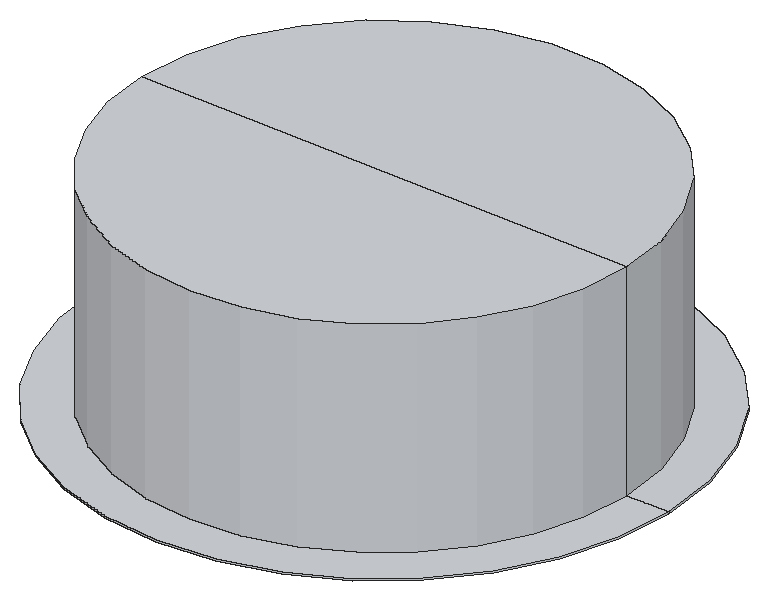
Revit family "95-8", category Electrical Fixtures, host Ceiling, Revit 2017
Family settings
  Host = Ceiling
  Maintain Annotation Orientation = No
  Round Connector Dimension = Use Diameter
  Part Type = Normal
  OmniClass Number = 23.80.00.00
  OmniClass Title = Electric Power and Lighting
  Always vertical = Yes
  Cut with Voids When Loaded = No
  Shared = No
  Room Calculation Point = No
Parameters
  URL = ""
  Model = "95-8"
  Manufacturer = "Atlas Sound"
  Description = "8\" Speaker Back Can"
Reference planes (in)
  plane 1 "Center (Front/Back)": y = 0
  plane 2 "Ceiling": z = 96
  plane 3 "Center (Left/Right)": x = 0
Forms (in)
  Revolve 1, solid
    sketch origin (0, 0, 95.965) x (1, 0, 0) y (0, 0, 1)
      loop
        line (0, 0) -> (5.875, 0) -> (5.875, 0.035) -> (5, 0.035) -> (5, 4.25) -> (0, 4.25) -> (0, 0)
      axis (0, 0) -> (0, 4.25)
    angle from 0 to 360
  Extrusion 2, void
    sketch origin (0, 0, 95.965) x (1, 0, 0) y (0, 1, 0)
      loop
        circle (0, 0) r 4.94
    from -0.0625 to 4
Cuts and joins
  Extrusion 2 cuts Revolve 1
Dimensions and locks (in)
  equal spacing: host sketch curve, plane 3 "Center (Left/Right)", host sketch curve
  equal spacing: host sketch curve, plane 1 "Center (Front/Back)", host sketch curve
  host sketch curve to host sketch curve = 10' - 0"  (x2)
Connectors (in)
  cabletrayconduit at (0, 0, 100.215), diameter 0.75
    settings: on cut or joined group of Revolve 1, Extrusion 2, index 1, connector width 1' - 0", connector height 1' - 0", connector angle 0.00°, system type 32, placement type 0, profile type 0, connector reference index -1, is primary connector yes, connector utility param no, connector description ""
